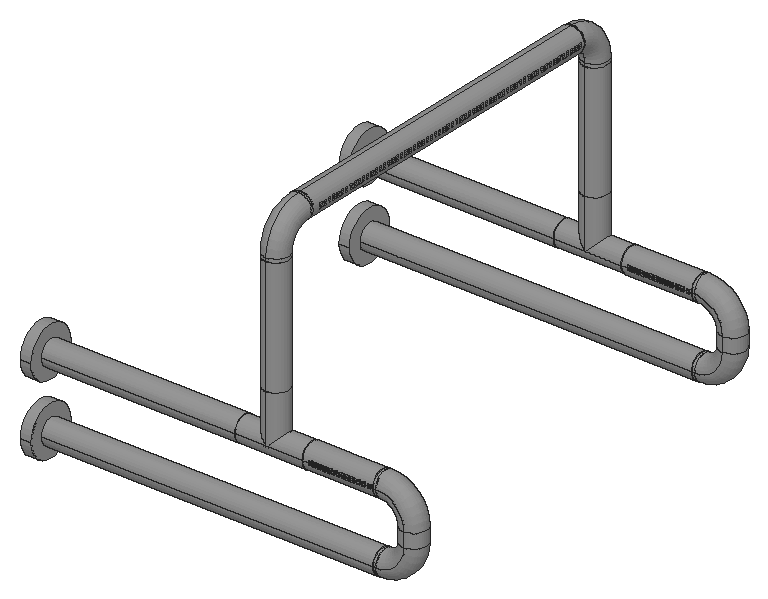
Revit family "Tube Coated Handicap Grab Bar White_IN", category Pipe Accessories, Revit 2017 (continued)
Forms (mm)
  Extrusion 423, solid, material "NYLONS"
    sketch origin (669.29, 361.085, 2.506) x (0, 1, 0) y (0, 0, -1)
      loop
        line (90.004, -415.815) -> (93.449, -415.815)
        spline (93.449, -415.815) -> (93.523, -415.677) -> (93.583, -415.541) -> (93.63, -415.407) -> (93.663, -415.274) -> (93.684, -415.144) -> (93.69, -415.016) -> (93.684, -414.89) -> (93.663, -414.766) -> (93.63, -414.644) -> (93.583, -414.523) -> (93.523, -414.405) -> (93.449, -414.289)
        line (93.449, -414.289) -> (90.004, -414.289)
        spline (90.004, -414.289) -> (89.912, -414.417) -> (89.837, -414.546) -> (89.779, -414.674) -> (89.737, -414.801) -> (89.712, -414.929) -> (89.703, -415.056) -> (89.712, -415.183) -> (89.737, -415.31) -> (89.779, -415.437) -> (89.837, -415.563) -> (89.912, -415.689) -> (90.004, -415.815)
    from 317.061 to 318.374
  Extrusion 424, solid, material "NYLONS"
    sketch origin (669.29, 361.085, -2.612) x (0, 1, 0) y (0, 0, -1)
      loop
        line (90.004, -415.815) -> (93.449, -415.815)
        spline (93.449, -415.815) -> (93.523, -415.677) -> (93.583, -415.541) -> (93.63, -415.407) -> (93.663, -415.274) -> (93.684, -415.144) -> (93.69, -415.016) -> (93.684, -414.89) -> (93.663, -414.766) -> (93.63, -414.644) -> (93.583, -414.523) -> (93.523, -414.405) -> (93.449, -414.289)
        line (93.449, -414.289) -> (90.004, -414.289)
        spline (90.004, -414.289) -> (89.912, -414.417) -> (89.837, -414.546) -> (89.779, -414.674) -> (89.737, -414.801) -> (89.712, -414.929) -> (89.703, -415.056) -> (89.712, -415.183) -> (89.737, -415.31) -> (89.779, -415.437) -> (89.837, -415.563) -> (89.912, -415.689) -> (90.004, -415.815)
    from 317.061 to 318.374
  Extrusion 425, solid, material "NYLONS"
    sketch origin (669.29, 368.338, 0) x (0, 1, 0) y (0, 0, -1)
      loop
        line (90.004, -415.815) -> (93.449, -415.815)
        spline (93.449, -415.815) -> (93.523, -415.677) -> (93.583, -415.541) -> (93.63, -415.407) -> (93.663, -415.274) -> (93.684, -415.144) -> (93.69, -415.016) -> (93.684, -414.89) -> (93.663, -414.766) -> (93.63, -414.644) -> (93.583, -414.523) -> (93.523, -414.405) -> (93.449, -414.289)
        line (93.449, -414.289) -> (90.004, -414.289)
        spline (90.004, -414.289) -> (89.912, -414.417) -> (89.837, -414.546) -> (89.779, -414.674) -> (89.737, -414.801) -> (89.712, -414.929) -> (89.703, -415.056) -> (89.712, -415.183) -> (89.737, -415.31) -> (89.779, -415.437) -> (89.837, -415.563) -> (89.912, -415.689) -> (90.004, -415.815)
    from 317.061 to 318.374
  Extrusion 426, solid, material "NYLONS"
    sketch origin (669.29, 368.338, 2.506) x (0, 1, 0) y (0, 0, -1)
      loop
        line (90.004, -415.815) -> (93.449, -415.815)
        spline (93.449, -415.815) -> (93.523, -415.677) -> (93.583, -415.541) -> (93.63, -415.407) -> (93.663, -415.274) -> (93.684, -415.144) -> (93.69, -415.016) -> (93.684, -414.89) -> (93.663, -414.766) -> (93.63, -414.644) -> (93.583, -414.523) -> (93.523, -414.405) -> (93.449, -414.289)
        line (93.449, -414.289) -> (90.004, -414.289)
        spline (90.004, -414.289) -> (89.912, -414.417) -> (89.837, -414.546) -> (89.779, -414.674) -> (89.737, -414.801) -> (89.712, -414.929) -> (89.703, -415.056) -> (89.712, -415.183) -> (89.737, -415.31) -> (89.779, -415.437) -> (89.837, -415.563) -> (89.912, -415.689) -> (90.004, -415.815)
    from 317.061 to 318.374
  Extrusion 427, solid, material "NYLONS"
    sketch origin (669.29, 368.338, -2.612) x (0, 1, 0) y (0, 0, -1)
      loop
        line (90.004, -415.815) -> (93.449, -415.815)
        spline (93.449, -415.815) -> (93.523, -415.677) -> (93.583, -415.541) -> (93.63, -415.407) -> (93.663, -415.274) -> (93.684, -415.144) -> (93.69, -415.016) -> (93.684, -414.89) -> (93.663, -414.766) -> (93.63, -414.644) -> (93.583, -414.523) -> (93.523, -414.405) -> (93.449, -414.289)
        line (93.449, -414.289) -> (90.004, -414.289)
        spline (90.004, -414.289) -> (89.912, -414.417) -> (89.837, -414.546) -> (89.779, -414.674) -> (89.737, -414.801) -> (89.712, -414.929) -> (89.703, -415.056) -> (89.712, -415.183) -> (89.737, -415.31) -> (89.779, -415.437) -> (89.837, -415.563) -> (89.912, -415.689) -> (90.004, -415.815)
    from 317.061 to 318.374
  Extrusion 428, solid, material "NYLONS"
    sketch origin (669.29, 375.844, 0) x (0, 1, 0) y (0, 0, -1)
      loop
        line (90.004, -415.815) -> (93.449, -415.815)
        spline (93.449, -415.815) -> (93.523, -415.677) -> (93.583, -415.541) -> (93.63, -415.407) -> (93.663, -415.274) -> (93.684, -415.144) -> (93.69, -415.016) -> (93.684, -414.89) -> (93.663, -414.766) -> (93.63, -414.644) -> (93.583, -414.523) -> (93.523, -414.405) -> (93.449, -414.289)
        line (93.449, -414.289) -> (90.004, -414.289)
        spline (90.004, -414.289) -> (89.912, -414.417) -> (89.837, -414.546) -> (89.779, -414.674) -> (89.737, -414.801) -> (89.712, -414.929) -> (89.703, -415.056) -> (89.712, -415.183) -> (89.737, -415.31) -> (89.779, -415.437) -> (89.837, -415.563) -> (89.912, -415.689) -> (90.004, -415.815)
    from 317.061 to 318.374
  Extrusion 429, solid, material "NYLONS"
    sketch origin (669.29, 375.844, 2.506) x (0, 1, 0) y (0, 0, -1)
      loop
        line (90.004, -415.815) -> (93.449, -415.815)
        spline (93.449, -415.815) -> (93.523, -415.677) -> (93.583, -415.541) -> (93.63, -415.407) -> (93.663, -415.274) -> (93.684, -415.144) -> (93.69, -415.016) -> (93.684, -414.89) -> (93.663, -414.766) -> (93.63, -414.644) -> (93.583, -414.523) -> (93.523, -414.405) -> (93.449, -414.289)
        line (93.449, -414.289) -> (90.004, -414.289)
        spline (90.004, -414.289) -> (89.912, -414.417) -> (89.837, -414.546) -> (89.779, -414.674) -> (89.737, -414.801) -> (89.712, -414.929) -> (89.703, -415.056) -> (89.712, -415.183) -> (89.737, -415.31) -> (89.779, -415.437) -> (89.837, -415.563) -> (89.912, -415.689) -> (90.004, -415.815)
    from 317.061 to 318.374
  Extrusion 430, solid, material "NYLONS"
    sketch origin (669.29, 375.844, -2.612) x (0, 1, 0) y (0, 0, -1)
      loop
        line (90.004, -415.815) -> (93.449, -415.815)
        spline (93.449, -415.815) -> (93.523, -415.677) -> (93.583, -415.541) -> (93.63, -415.407) -> (93.663, -415.274) -> (93.684, -415.144) -> (93.69, -415.016) -> (93.684, -414.89) -> (93.663, -414.766) -> (93.63, -414.644) -> (93.583, -414.523) -> (93.523, -414.405) -> (93.449, -414.289)
        line (93.449, -414.289) -> (90.004, -414.289)
        spline (90.004, -414.289) -> (89.912, -414.417) -> (89.837, -414.546) -> (89.779, -414.674) -> (89.737, -414.801) -> (89.712, -414.929) -> (89.703, -415.056) -> (89.712, -415.183) -> (89.737, -415.31) -> (89.779, -415.437) -> (89.837, -415.563) -> (89.912, -415.689) -> (90.004, -415.815)
    from 317.061 to 318.374
  Extrusion 431, solid, material "NYLONS"
    sketch origin (669.29, 383.351, 0) x (0, 1, 0) y (0, 0, -1)
      loop
        line (90.004, -415.815) -> (93.449, -415.815)
        spline (93.449, -415.815) -> (93.523, -415.677) -> (93.583, -415.541) -> (93.63, -415.407) -> (93.663, -415.274) -> (93.684, -415.144) -> (93.69, -415.016) -> (93.684, -414.89) -> (93.663, -414.766) -> (93.63, -414.644) -> (93.583, -414.523) -> (93.523, -414.405) -> (93.449, -414.289)
        line (93.449, -414.289) -> (90.004, -414.289)
        spline (90.004, -414.289) -> (89.912, -414.417) -> (89.837, -414.546) -> (89.779, -414.674) -> (89.737, -414.801) -> (89.712, -414.929) -> (89.703, -415.056) -> (89.712, -415.183) -> (89.737, -415.31) -> (89.779, -415.437) -> (89.837, -415.563) -> (89.912, -415.689) -> (90.004, -415.815)
    from 317.061 to 318.374
  Extrusion 432, solid, material "NYLONS"
    sketch origin (669.29, 383.351, 2.506) x (0, 1, 0) y (0, 0, -1)
      loop
        line (90.004, -415.815) -> (93.449, -415.815)
        spline (93.449, -415.815) -> (93.523, -415.677) -> (93.583, -415.541) -> (93.63, -415.407) -> (93.663, -415.274) -> (93.684, -415.144) -> (93.69, -415.016) -> (93.684, -414.89) -> (93.663, -414.766) -> (93.63, -414.644) -> (93.583, -414.523) -> (93.523, -414.405) -> (93.449, -414.289)
        line (93.449, -414.289) -> (90.004, -414.289)
        spline (90.004, -414.289) -> (89.912, -414.417) -> (89.837, -414.546) -> (89.779, -414.674) -> (89.737, -414.801) -> (89.712, -414.929) -> (89.703, -415.056) -> (89.712, -415.183) -> (89.737, -415.31) -> (89.779, -415.437) -> (89.837, -415.563) -> (89.912, -415.689) -> (90.004, -415.815)
    from 317.061 to 318.374
  Extrusion 433, solid, material "NYLONS"
    sketch origin (669.29, 383.351, -2.612) x (0, 1, 0) y (0, 0, -1)
      loop
        line (90.004, -415.815) -> (93.449, -415.815)
        spline (93.449, -415.815) -> (93.523, -415.677) -> (93.583, -415.541) -> (93.63, -415.407) -> (93.663, -415.274) -> (93.684, -415.144) -> (93.69, -415.016) -> (93.684, -414.89) -> (93.663, -414.766) -> (93.63, -414.644) -> (93.583, -414.523) -> (93.523, -414.405) -> (93.449, -414.289)
        line (93.449, -414.289) -> (90.004, -414.289)
        spline (90.004, -414.289) -> (89.912, -414.417) -> (89.837, -414.546) -> (89.779, -414.674) -> (89.737, -414.801) -> (89.712, -414.929) -> (89.703, -415.056) -> (89.712, -415.183) -> (89.737, -415.31) -> (89.779, -415.437) -> (89.837, -415.563) -> (89.912, -415.689) -> (90.004, -415.815)
    from 317.061 to 318.374
  Extrusion 434, solid, material "NYLONS"
    sketch origin (669.29, 391.29, 0) x (0, 1, 0) y (0, 0, -1)
      loop
        line (90.004, -415.815) -> (93.449, -415.815)
        spline (93.449, -415.815) -> (93.523, -415.677) -> (93.583, -415.541) -> (93.63, -415.407) -> (93.663, -415.274) -> (93.684, -415.144) -> (93.69, -415.016) -> (93.684, -414.89) -> (93.663, -414.766) -> (93.63, -414.644) -> (93.583, -414.523) -> (93.523, -414.405) -> (93.449, -414.289)
        line (93.449, -414.289) -> (90.004, -414.289)
        spline (90.004, -414.289) -> (89.912, -414.417) -> (89.837, -414.546) -> (89.779, -414.674) -> (89.737, -414.801) -> (89.712, -414.929) -> (89.703, -415.056) -> (89.712, -415.183) -> (89.737, -415.31) -> (89.779, -415.437) -> (89.837, -415.563) -> (89.912, -415.689) -> (90.004, -415.815)
    from 317.061 to 318.374
  Extrusion 435, solid, material "NYLONS"
    sketch origin (669.29, 391.29, 2.506) x (0, 1, 0) y (0, 0, -1)
      loop
        line (90.004, -415.815) -> (93.449, -415.815)
        spline (93.449, -415.815) -> (93.523, -415.677) -> (93.583, -415.541) -> (93.63, -415.407) -> (93.663, -415.274) -> (93.684, -415.144) -> (93.69, -415.016) -> (93.684, -414.89) -> (93.663, -414.766) -> (93.63, -414.644) -> (93.583, -414.523) -> (93.523, -414.405) -> (93.449, -414.289)
        line (93.449, -414.289) -> (90.004, -414.289)
        spline (90.004, -414.289) -> (89.912, -414.417) -> (89.837, -414.546) -> (89.779, -414.674) -> (89.737, -414.801) -> (89.712, -414.929) -> (89.703, -415.056) -> (89.712, -415.183) -> (89.737, -415.31) -> (89.779, -415.437) -> (89.837, -415.563) -> (89.912, -415.689) -> (90.004, -415.815)
    from 317.061 to 318.374
  Extrusion 436, solid, material "NYLONS"
    sketch origin (669.29, 391.29, -2.612) x (0, 1, 0) y (0, 0, -1)
      loop
        line (90.004, -415.815) -> (93.449, -415.815)
        spline (93.449, -415.815) -> (93.523, -415.677) -> (93.583, -415.541) -> (93.63, -415.407) -> (93.663, -415.274) -> (93.684, -415.144) -> (93.69, -415.016) -> (93.684, -414.89) -> (93.663, -414.766) -> (93.63, -414.644) -> (93.583, -414.523) -> (93.523, -414.405) -> (93.449, -414.289)
        line (93.449, -414.289) -> (90.004, -414.289)
        spline (90.004, -414.289) -> (89.912, -414.417) -> (89.837, -414.546) -> (89.779, -414.674) -> (89.737, -414.801) -> (89.712, -414.929) -> (89.703, -415.056) -> (89.712, -415.183) -> (89.737, -415.31) -> (89.779, -415.437) -> (89.837, -415.563) -> (89.912, -415.689) -> (90.004, -415.815)
    from 317.061 to 318.374
  Extrusion 437, solid, material "NYLONS"
    sketch origin (669.29, 398.941, 0) x (0, 1, 0) y (0, 0, -1)
      loop
        line (90.004, -415.815) -> (93.449, -415.815)
        spline (93.449, -415.815) -> (93.523, -415.677) -> (93.583, -415.541) -> (93.63, -415.407) -> (93.663, -415.274) -> (93.684, -415.144) -> (93.69, -415.016) -> (93.684, -414.89) -> (93.663, -414.766) -> (93.63, -414.644) -> (93.583, -414.523) -> (93.523, -414.405) -> (93.449, -414.289)
        line (93.449, -414.289) -> (90.004, -414.289)
        spline (90.004, -414.289) -> (89.912, -414.417) -> (89.837, -414.546) -> (89.779, -414.674) -> (89.737, -414.801) -> (89.712, -414.929) -> (89.703, -415.056) -> (89.712, -415.183) -> (89.737, -415.31) -> (89.779, -415.437) -> (89.837, -415.563) -> (89.912, -415.689) -> (90.004, -415.815)
    from 317.061 to 318.374
  Extrusion 438, solid, material "NYLONS"
    sketch origin (669.29, 398.941, 2.506) x (0, 1, 0) y (0, 0, -1)
      loop
        line (90.004, -415.815) -> (93.449, -415.815)
        spline (93.449, -415.815) -> (93.523, -415.677) -> (93.583, -415.541) -> (93.63, -415.407) -> (93.663, -415.274) -> (93.684, -415.144) -> (93.69, -415.016) -> (93.684, -414.89) -> (93.663, -414.766) -> (93.63, -414.644) -> (93.583, -414.523) -> (93.523, -414.405) -> (93.449, -414.289)
        line (93.449, -414.289) -> (90.004, -414.289)
        spline (90.004, -414.289) -> (89.912, -414.417) -> (89.837, -414.546) -> (89.779, -414.674) -> (89.737, -414.801) -> (89.712, -414.929) -> (89.703, -415.056) -> (89.712, -415.183) -> (89.737, -415.31) -> (89.779, -415.437) -> (89.837, -415.563) -> (89.912, -415.689) -> (90.004, -415.815)
    from 317.061 to 318.374
  Extrusion 439, solid, material "NYLONS"
    sketch origin (669.29, 398.941, -2.612) x (0, 1, 0) y (0, 0, -1)
      loop
        line (90.004, -415.815) -> (93.449, -415.815)
        spline (93.449, -415.815) -> (93.523, -415.677) -> (93.583, -415.541) -> (93.63, -415.407) -> (93.663, -415.274) -> (93.684, -415.144) -> (93.69, -415.016) -> (93.684, -414.89) -> (93.663, -414.766) -> (93.63, -414.644) -> (93.583, -414.523) -> (93.523, -414.405) -> (93.449, -414.289)
        line (93.449, -414.289) -> (90.004, -414.289)
        spline (90.004, -414.289) -> (89.912, -414.417) -> (89.837, -414.546) -> (89.779, -414.674) -> (89.737, -414.801) -> (89.712, -414.929) -> (89.703, -415.056) -> (89.712, -415.183) -> (89.737, -415.31) -> (89.779, -415.437) -> (89.837, -415.563) -> (89.912, -415.689) -> (90.004, -415.815)
    from 317.061 to 318.374
  Extrusion 440, solid, material "NYLONS"
    sketch origin (669.29, 406.736, 0) x (0, 1, 0) y (0, 0, -1)
      loop
        line (90.004, -415.815) -> (93.449, -415.815)
        spline (93.449, -415.815) -> (93.523, -415.677) -> (93.583, -415.541) -> (93.63, -415.407) -> (93.663, -415.274) -> (93.684, -415.144) -> (93.69, -415.016) -> (93.684, -414.89) -> (93.663, -414.766) -> (93.63, -414.644) -> (93.583, -414.523) -> (93.523, -414.405) -> (93.449, -414.289)
        line (93.449, -414.289) -> (90.004, -414.289)
        spline (90.004, -414.289) -> (89.912, -414.417) -> (89.837, -414.546) -> (89.779, -414.674) -> (89.737, -414.801) -> (89.712, -414.929) -> (89.703, -415.056) -> (89.712, -415.183) -> (89.737, -415.31) -> (89.779, -415.437) -> (89.837, -415.563) -> (89.912, -415.689) -> (90.004, -415.815)
    from 317.061 to 318.374
  Extrusion 441, solid, material "NYLONS"
    sketch origin (669.29, 406.736, 2.506) x (0, 1, 0) y (0, 0, -1)
      loop
        line (90.004, -415.815) -> (93.449, -415.815)
        spline (93.449, -415.815) -> (93.523, -415.677) -> (93.583, -415.541) -> (93.63, -415.407) -> (93.663, -415.274) -> (93.684, -415.144) -> (93.69, -415.016) -> (93.684, -414.89) -> (93.663, -414.766) -> (93.63, -414.644) -> (93.583, -414.523) -> (93.523, -414.405) -> (93.449, -414.289)
        line (93.449, -414.289) -> (90.004, -414.289)
        spline (90.004, -414.289) -> (89.912, -414.417) -> (89.837, -414.546) -> (89.779, -414.674) -> (89.737, -414.801) -> (89.712, -414.929) -> (89.703, -415.056) -> (89.712, -415.183) -> (89.737, -415.31) -> (89.779, -415.437) -> (89.837, -415.563) -> (89.912, -415.689) -> (90.004, -415.815)
    from 317.061 to 318.374
  Extrusion 442, solid, material "NYLONS"
    sketch origin (669.29, 406.736, -2.612) x (0, 1, 0) y (0, 0, -1)
      loop
        line (90.004, -415.815) -> (93.449, -415.815)
        spline (93.449, -415.815) -> (93.523, -415.677) -> (93.583, -415.541) -> (93.63, -415.407) -> (93.663, -415.274) -> (93.684, -415.144) -> (93.69, -415.016) -> (93.684, -414.89) -> (93.663, -414.766) -> (93.63, -414.644) -> (93.583, -414.523) -> (93.523, -414.405) -> (93.449, -414.289)
        line (93.449, -414.289) -> (90.004, -414.289)
        spline (90.004, -414.289) -> (89.912, -414.417) -> (89.837, -414.546) -> (89.779, -414.674) -> (89.737, -414.801) -> (89.712, -414.929) -> (89.703, -415.056) -> (89.712, -415.183) -> (89.737, -415.31) -> (89.779, -415.437) -> (89.837, -415.563) -> (89.912, -415.689) -> (90.004, -415.815)
    from 317.061 to 318.374
  Extrusion 443, solid, material "NYLONS"
    sketch origin (669.29, 414.676, 0) x (0, 1, 0) y (0, 0, -1)
      loop
        line (90.004, -415.815) -> (93.449, -415.815)
        spline (93.449, -415.815) -> (93.523, -415.677) -> (93.583, -415.541) -> (93.63, -415.407) -> (93.663, -415.274) -> (93.684, -415.144) -> (93.69, -415.016) -> (93.684, -414.89) -> (93.663, -414.766) -> (93.63, -414.644) -> (93.583, -414.523) -> (93.523, -414.405) -> (93.449, -414.289)
        line (93.449, -414.289) -> (90.004, -414.289)
        spline (90.004, -414.289) -> (89.912, -414.417) -> (89.837, -414.546) -> (89.779, -414.674) -> (89.737, -414.801) -> (89.712, -414.929) -> (89.703, -415.056) -> (89.712, -415.183) -> (89.737, -415.31) -> (89.779, -415.437) -> (89.837, -415.563) -> (89.912, -415.689) -> (90.004, -415.815)
    from 317.061 to 318.374
  Extrusion 444, solid, material "NYLONS"
    sketch origin (669.29, 414.676, 2.506) x (0, 1, 0) y (0, 0, -1)
      loop
        line (90.004, -415.815) -> (93.449, -415.815)
        spline (93.449, -415.815) -> (93.523, -415.677) -> (93.583, -415.541) -> (93.63, -415.407) -> (93.663, -415.274) -> (93.684, -415.144) -> (93.69, -415.016) -> (93.684, -414.89) -> (93.663, -414.766) -> (93.63, -414.644) -> (93.583, -414.523) -> (93.523, -414.405) -> (93.449, -414.289)
        line (93.449, -414.289) -> (90.004, -414.289)
        spline (90.004, -414.289) -> (89.912, -414.417) -> (89.837, -414.546) -> (89.779, -414.674) -> (89.737, -414.801) -> (89.712, -414.929) -> (89.703, -415.056) -> (89.712, -415.183) -> (89.737, -415.31) -> (89.779, -415.437) -> (89.837, -415.563) -> (89.912, -415.689) -> (90.004, -415.815)
    from 317.061 to 318.374
  Extrusion 445, solid, material "NYLONS"
    sketch origin (669.29, 414.676, -2.612) x (0, 1, 0) y (0, 0, -1)
      loop
        line (90.004, -415.815) -> (93.449, -415.815)
        spline (93.449, -415.815) -> (93.523, -415.677) -> (93.583, -415.541) -> (93.63, -415.407) -> (93.663, -415.274) -> (93.684, -415.144) -> (93.69, -415.016) -> (93.684, -414.89) -> (93.663, -414.766) -> (93.63, -414.644) -> (93.583, -414.523) -> (93.523, -414.405) -> (93.449, -414.289)
        line (93.449, -414.289) -> (90.004, -414.289)
        spline (90.004, -414.289) -> (89.912, -414.417) -> (89.837, -414.546) -> (89.779, -414.674) -> (89.737, -414.801) -> (89.712, -414.929) -> (89.703, -415.056) -> (89.712, -415.183) -> (89.737, -415.31) -> (89.779, -415.437) -> (89.837, -415.563) -> (89.912, -415.689) -> (90.004, -415.815)
    from 317.061 to 318.374
  Extrusion 446, solid, material "NYLONS"
    sketch origin (669.29, 422.182, 0) x (0, 1, 0) y (0, 0, -1)
      loop
        line (90.004, -415.815) -> (93.449, -415.815)
        spline (93.449, -415.815) -> (93.523, -415.677) -> (93.583, -415.541) -> (93.63, -415.407) -> (93.663, -415.274) -> (93.684, -415.144) -> (93.69, -415.016) -> (93.684, -414.89) -> (93.663, -414.766) -> (93.63, -414.644) -> (93.583, -414.523) -> (93.523, -414.405) -> (93.449, -414.289)
        line (93.449, -414.289) -> (90.004, -414.289)
        spline (90.004, -414.289) -> (89.912, -414.417) -> (89.837, -414.546) -> (89.779, -414.674) -> (89.737, -414.801) -> (89.712, -414.929) -> (89.703, -415.056) -> (89.712, -415.183) -> (89.737, -415.31) -> (89.779, -415.437) -> (89.837, -415.563) -> (89.912, -415.689) -> (90.004, -415.815)
    from 317.061 to 318.374
  Extrusion 447, solid, material "NYLONS"
    sketch origin (669.29, 422.182, 2.506) x (0, 1, 0) y (0, 0, -1)
      loop
        line (90.004, -415.815) -> (93.449, -415.815)
        spline (93.449, -415.815) -> (93.523, -415.677) -> (93.583, -415.541) -> (93.63, -415.407) -> (93.663, -415.274) -> (93.684, -415.144) -> (93.69, -415.016) -> (93.684, -414.89) -> (93.663, -414.766) -> (93.63, -414.644) -> (93.583, -414.523) -> (93.523, -414.405) -> (93.449, -414.289)
        line (93.449, -414.289) -> (90.004, -414.289)
        spline (90.004, -414.289) -> (89.912, -414.417) -> (89.837, -414.546) -> (89.779, -414.674) -> (89.737, -414.801) -> (89.712, -414.929) -> (89.703, -415.056) -> (89.712, -415.183) -> (89.737, -415.31) -> (89.779, -415.437) -> (89.837, -415.563) -> (89.912, -415.689) -> (90.004, -415.815)
    from 317.061 to 318.374
  Extrusion 448, solid, material "NYLONS"
    sketch origin (669.29, 422.182, -2.612) x (0, 1, 0) y (0, 0, -1)
      loop
        line (90.004, -415.815) -> (93.449, -415.815)
        spline (93.449, -415.815) -> (93.523, -415.677) -> (93.583, -415.541) -> (93.63, -415.407) -> (93.663, -415.274) -> (93.684, -415.144) -> (93.69, -415.016) -> (93.684, -414.89) -> (93.663, -414.766) -> (93.63, -414.644) -> (93.583, -414.523) -> (93.523, -414.405) -> (93.449, -414.289)
        line (93.449, -414.289) -> (90.004, -414.289)
        spline (90.004, -414.289) -> (89.912, -414.417) -> (89.837, -414.546) -> (89.779, -414.674) -> (89.737, -414.801) -> (89.712, -414.929) -> (89.703, -415.056) -> (89.712, -415.183) -> (89.737, -415.31) -> (89.779, -415.437) -> (89.837, -415.563) -> (89.912, -415.689) -> (90.004, -415.815)
    from 317.061 to 318.374
  Extrusion 449, solid, material "NYLONS"
    sketch origin (669.29, 429.578, 0) x (0, 1, 0) y (0, 0, -1)
      loop
        line (90.004, -415.815) -> (93.449, -415.815)
        spline (93.449, -415.815) -> (93.523, -415.677) -> (93.583, -415.541) -> (93.63, -415.407) -> (93.663, -415.274) -> (93.684, -415.144) -> (93.69, -415.016) -> (93.684, -414.89) -> (93.663, -414.766) -> (93.63, -414.644) -> (93.583, -414.523) -> (93.523, -414.405) -> (93.449, -414.289)
        line (93.449, -414.289) -> (90.004, -414.289)
        spline (90.004, -414.289) -> (89.912, -414.417) -> (89.837, -414.546) -> (89.779, -414.674) -> (89.737, -414.801) -> (89.712, -414.929) -> (89.703, -415.056) -> (89.712, -415.183) -> (89.737, -415.31) -> (89.779, -415.437) -> (89.837, -415.563) -> (89.912, -415.689) -> (90.004, -415.815)
    from 317.061 to 318.374
  Extrusion 450, solid, material "NYLONS"
    sketch origin (669.29, 429.578, 2.506) x (0, 1, 0) y (0, 0, -1)
      loop
        line (90.004, -415.815) -> (93.449, -415.815)
        spline (93.449, -415.815) -> (93.523, -415.677) -> (93.583, -415.541) -> (93.63, -415.407) -> (93.663, -415.274) -> (93.684, -415.144) -> (93.69, -415.016) -> (93.684, -414.89) -> (93.663, -414.766) -> (93.63, -414.644) -> (93.583, -414.523) -> (93.523, -414.405) -> (93.449, -414.289)
        line (93.449, -414.289) -> (90.004, -414.289)
        spline (90.004, -414.289) -> (89.912, -414.417) -> (89.837, -414.546) -> (89.779, -414.674) -> (89.737, -414.801) -> (89.712, -414.929) -> (89.703, -415.056) -> (89.712, -415.183) -> (89.737, -415.31) -> (89.779, -415.437) -> (89.837, -415.563) -> (89.912, -415.689) -> (90.004, -415.815)
    from 317.061 to 318.374
  Extrusion 451, solid, material "NYLONS"
    sketch origin (669.29, 429.578, -2.612) x (0, 1, 0) y (0, 0, -1)
      loop
        line (90.004, -415.815) -> (93.449, -415.815)
        spline (93.449, -415.815) -> (93.523, -415.677) -> (93.583, -415.541) -> (93.63, -415.407) -> (93.663, -415.274) -> (93.684, -415.144) -> (93.69, -415.016) -> (93.684, -414.89) -> (93.663, -414.766) -> (93.63, -414.644) -> (93.583, -414.523) -> (93.523, -414.405) -> (93.449, -414.289)
        line (93.449, -414.289) -> (90.004, -414.289)
        spline (90.004, -414.289) -> (89.912, -414.417) -> (89.837, -414.546) -> (89.779, -414.674) -> (89.737, -414.801) -> (89.712, -414.929) -> (89.703, -415.056) -> (89.712, -415.183) -> (89.737, -415.31) -> (89.779, -415.437) -> (89.837, -415.563) -> (89.912, -415.689) -> (90.004, -415.815)
    from 317.061 to 318.374
  Extrusion 452, solid, material "NYLONS"
    sketch origin (669.29, 437.076, 0) x (0, 1, 0) y (0, 0, -1)
      loop
        line (90.004, -415.815) -> (93.449, -415.815)
        spline (93.449, -415.815) -> (93.523, -415.677) -> (93.583, -415.541) -> (93.63, -415.407) -> (93.663, -415.274) -> (93.684, -415.144) -> (93.69, -415.016) -> (93.684, -414.89) -> (93.663, -414.766) -> (93.63, -414.644) -> (93.583, -414.523) -> (93.523, -414.405) -> (93.449, -414.289)
        line (93.449, -414.289) -> (90.004, -414.289)
        spline (90.004, -414.289) -> (89.912, -414.417) -> (89.837, -414.546) -> (89.779, -414.674) -> (89.737, -414.801) -> (89.712, -414.929) -> (89.703, -415.056) -> (89.712, -415.183) -> (89.737, -415.31) -> (89.779, -415.437) -> (89.837, -415.563) -> (89.912, -415.689) -> (90.004, -415.815)
    from 317.061 to 318.374
  Extrusion 453, solid, material "NYLONS"
    sketch origin (669.29, 437.076, 2.506) x (0, 1, 0) y (0, 0, -1)
      loop
        line (90.004, -415.815) -> (93.449, -415.815)
        spline (93.449, -415.815) -> (93.523, -415.677) -> (93.583, -415.541) -> (93.63, -415.407) -> (93.663, -415.274) -> (93.684, -415.144) -> (93.69, -415.016) -> (93.684, -414.89) -> (93.663, -414.766) -> (93.63, -414.644) -> (93.583, -414.523) -> (93.523, -414.405) -> (93.449, -414.289)
        line (93.449, -414.289) -> (90.004, -414.289)
        spline (90.004, -414.289) -> (89.912, -414.417) -> (89.837, -414.546) -> (89.779, -414.674) -> (89.737, -414.801) -> (89.712, -414.929) -> (89.703, -415.056) -> (89.712, -415.183) -> (89.737, -415.31) -> (89.779, -415.437) -> (89.837, -415.563) -> (89.912, -415.689) -> (90.004, -415.815)
    from 317.061 to 318.374
  Extrusion 454, solid, material "NYLONS"
    sketch origin (669.29, 437.076, -2.612) x (0, 1, 0) y (0, 0, -1)
      loop
        line (90.004, -415.815) -> (93.449, -415.815)
        spline (93.449, -415.815) -> (93.523, -415.677) -> (93.583, -415.541) -> (93.63, -415.407) -> (93.663, -415.274) -> (93.684, -415.144) -> (93.69, -415.016) -> (93.684, -414.89) -> (93.663, -414.766) -> (93.63, -414.644) -> (93.583, -414.523) -> (93.523, -414.405) -> (93.449, -414.289)
        line (93.449, -414.289) -> (90.004, -414.289)
        spline (90.004, -414.289) -> (89.912, -414.417) -> (89.837, -414.546) -> (89.779, -414.674) -> (89.737, -414.801) -> (89.712, -414.929) -> (89.703, -415.056) -> (89.712, -415.183) -> (89.737, -415.31) -> (89.779, -415.437) -> (89.837, -415.563) -> (89.912, -415.689) -> (90.004, -415.815)
    from 317.061 to 318.374
  Extrusion 455, solid, material "NYLONS"
    sketch origin (669.29, 444.669, 0) x (0, 1, 0) y (0, 0, -1)
      loop
        line (90.004, -415.815) -> (93.449, -415.815)
        spline (93.449, -415.815) -> (93.523, -415.677) -> (93.583, -415.541) -> (93.63, -415.407) -> (93.663, -415.274) -> (93.684, -415.144) -> (93.69, -415.016) -> (93.684, -414.89) -> (93.663, -414.766) -> (93.63, -414.644) -> (93.583, -414.523) -> (93.523, -414.405) -> (93.449, -414.289)
        line (93.449, -414.289) -> (90.004, -414.289)
        spline (90.004, -414.289) -> (89.912, -414.417) -> (89.837, -414.546) -> (89.779, -414.674) -> (89.737, -414.801) -> (89.712, -414.929) -> (89.703, -415.056) -> (89.712, -415.183) -> (89.737, -415.31) -> (89.779, -415.437) -> (89.837, -415.563) -> (89.912, -415.689) -> (90.004, -415.815)
    from 317.061 to 318.374
  Extrusion 456, solid, material "NYLONS"
    sketch origin (669.29, 444.669, 2.506) x (0, 1, 0) y (0, 0, -1)
      loop
        line (90.004, -415.815) -> (93.449, -415.815)
        spline (93.449, -415.815) -> (93.523, -415.677) -> (93.583, -415.541) -> (93.63, -415.407) -> (93.663, -415.274) -> (93.684, -415.144) -> (93.69, -415.016) -> (93.684, -414.89) -> (93.663, -414.766) -> (93.63, -414.644) -> (93.583, -414.523) -> (93.523, -414.405) -> (93.449, -414.289)
        line (93.449, -414.289) -> (90.004, -414.289)
        spline (90.004, -414.289) -> (89.912, -414.417) -> (89.837, -414.546) -> (89.779, -414.674) -> (89.737, -414.801) -> (89.712, -414.929) -> (89.703, -415.056) -> (89.712, -415.183) -> (89.737, -415.31) -> (89.779, -415.437) -> (89.837, -415.563) -> (89.912, -415.689) -> (90.004, -415.815)
    from 317.061 to 318.374
  Extrusion 457, solid, material "NYLONS"
    sketch origin (669.29, 444.669, -2.612) x (0, 1, 0) y (0, 0, -1)
      loop
        line (90.004, -415.815) -> (93.449, -415.815)
        spline (93.449, -415.815) -> (93.523, -415.677) -> (93.583, -415.541) -> (93.63, -415.407) -> (93.663, -415.274) -> (93.684, -415.144) -> (93.69, -415.016) -> (93.684, -414.89) -> (93.663, -414.766) -> (93.63, -414.644) -> (93.583, -414.523) -> (93.523, -414.405) -> (93.449, -414.289)
        line (93.449, -414.289) -> (90.004, -414.289)
        spline (90.004, -414.289) -> (89.912, -414.417) -> (89.837, -414.546) -> (89.779, -414.674) -> (89.737, -414.801) -> (89.712, -414.929) -> (89.703, -415.056) -> (89.712, -415.183) -> (89.737, -415.31) -> (89.779, -415.437) -> (89.837, -415.563) -> (89.912, -415.689) -> (90.004, -415.815)
    from 317.061 to 318.374
  Extrusion 458, solid, material "NYLONS"
    sketch origin (669.29, 452.262, 0) x (0, 1, 0) y (0, 0, -1)
      loop
        line (90.004, -415.815) -> (93.449, -415.815)
        spline (93.449, -415.815) -> (93.523, -415.677) -> (93.583, -415.541) -> (93.63, -415.407) -> (93.663, -415.274) -> (93.684, -415.144) -> (93.69, -415.016) -> (93.684, -414.89) -> (93.663, -414.766) -> (93.63, -414.644) -> (93.583, -414.523) -> (93.523, -414.405) -> (93.449, -414.289)
        line (93.449, -414.289) -> (90.004, -414.289)
        spline (90.004, -414.289) -> (89.912, -414.417) -> (89.837, -414.546) -> (89.779, -414.674) -> (89.737, -414.801) -> (89.712, -414.929) -> (89.703, -415.056) -> (89.712, -415.183) -> (89.737, -415.31) -> (89.779, -415.437) -> (89.837, -415.563) -> (89.912, -415.689) -> (90.004, -415.815)
    from 317.061 to 318.374
  Extrusion 459, solid, material "NYLONS"
    sketch origin (669.29, 452.262, 2.506) x (0, 1, 0) y (0, 0, -1)
      loop
        line (90.004, -415.815) -> (93.449, -415.815)
        spline (93.449, -415.815) -> (93.523, -415.677) -> (93.583, -415.541) -> (93.63, -415.407) -> (93.663, -415.274) -> (93.684, -415.144) -> (93.69, -415.016) -> (93.684, -414.89) -> (93.663, -414.766) -> (93.63, -414.644) -> (93.583, -414.523) -> (93.523, -414.405) -> (93.449, -414.289)
        line (93.449, -414.289) -> (90.004, -414.289)
        spline (90.004, -414.289) -> (89.912, -414.417) -> (89.837, -414.546) -> (89.779, -414.674) -> (89.737, -414.801) -> (89.712, -414.929) -> (89.703, -415.056) -> (89.712, -415.183) -> (89.737, -415.31) -> (89.779, -415.437) -> (89.837, -415.563) -> (89.912, -415.689) -> (90.004, -415.815)
    from 317.061 to 318.374
  Extrusion 460, solid, material "NYLONS"
    sketch origin (669.29, 452.262, -2.612) x (0, 1, 0) y (0, 0, -1)
      loop
        line (90.004, -415.815) -> (93.449, -415.815)
        spline (93.449, -415.815) -> (93.523, -415.677) -> (93.583, -415.541) -> (93.63, -415.407) -> (93.663, -415.274) -> (93.684, -415.144) -> (93.69, -415.016) -> (93.684, -414.89) -> (93.663, -414.766) -> (93.63, -414.644) -> (93.583, -414.523) -> (93.523, -414.405) -> (93.449, -414.289)
        line (93.449, -414.289) -> (90.004, -414.289)
        spline (90.004, -414.289) -> (89.912, -414.417) -> (89.837, -414.546) -> (89.779, -414.674) -> (89.737, -414.801) -> (89.712, -414.929) -> (89.703, -415.056) -> (89.712, -415.183) -> (89.737, -415.31) -> (89.779, -415.437) -> (89.837, -415.563) -> (89.912, -415.689) -> (90.004, -415.815)
    from 317.061 to 318.374
  Extrusion 461, solid, material "NYLONS"
    sketch origin (669.29, 459.761, 0) x (0, 1, 0) y (0, 0, -1)
      loop
        line (90.004, -415.815) -> (93.449, -415.815)
        spline (93.449, -415.815) -> (93.523, -415.677) -> (93.583, -415.541) -> (93.63, -415.407) -> (93.663, -415.274) -> (93.684, -415.144) -> (93.69, -415.016) -> (93.684, -414.89) -> (93.663, -414.766) -> (93.63, -414.644) -> (93.583, -414.523) -> (93.523, -414.405) -> (93.449, -414.289)
        line (93.449, -414.289) -> (90.004, -414.289)
        spline (90.004, -414.289) -> (89.912, -414.417) -> (89.837, -414.546) -> (89.779, -414.674) -> (89.737, -414.801) -> (89.712, -414.929) -> (89.703, -415.056) -> (89.712, -415.183) -> (89.737, -415.31) -> (89.779, -415.437) -> (89.837, -415.563) -> (89.912, -415.689) -> (90.004, -415.815)
    from 317.061 to 318.374
  Extrusion 462, solid, material "NYLONS"
    sketch origin (669.29, 459.761, 2.506) x (0, 1, 0) y (0, 0, -1)
      loop
        line (90.004, -415.815) -> (93.449, -415.815)
        spline (93.449, -415.815) -> (93.523, -415.677) -> (93.583, -415.541) -> (93.63, -415.407) -> (93.663, -415.274) -> (93.684, -415.144) -> (93.69, -415.016) -> (93.684, -414.89) -> (93.663, -414.766) -> (93.63, -414.644) -> (93.583, -414.523) -> (93.523, -414.405) -> (93.449, -414.289)
        line (93.449, -414.289) -> (90.004, -414.289)
        spline (90.004, -414.289) -> (89.912, -414.417) -> (89.837, -414.546) -> (89.779, -414.674) -> (89.737, -414.801) -> (89.712, -414.929) -> (89.703, -415.056) -> (89.712, -415.183) -> (89.737, -415.31) -> (89.779, -415.437) -> (89.837, -415.563) -> (89.912, -415.689) -> (90.004, -415.815)
    from 317.061 to 318.374
  Extrusion 463, solid, material "NYLONS"
    sketch origin (669.29, 459.761, -2.612) x (0, 1, 0) y (0, 0, -1)
      loop
        line (90.004, -415.815) -> (93.449, -415.815)
        spline (93.449, -415.815) -> (93.523, -415.677) -> (93.583, -415.541) -> (93.63, -415.407) -> (93.663, -415.274) -> (93.684, -415.144) -> (93.69, -415.016) -> (93.684, -414.89) -> (93.663, -414.766) -> (93.63, -414.644) -> (93.583, -414.523) -> (93.523, -414.405) -> (93.449, -414.289)
        line (93.449, -414.289) -> (90.004, -414.289)
        spline (90.004, -414.289) -> (89.912, -414.417) -> (89.837, -414.546) -> (89.779, -414.674) -> (89.737, -414.801) -> (89.712, -414.929) -> (89.703, -415.056) -> (89.712, -415.183) -> (89.737, -415.31) -> (89.779, -415.437) -> (89.837, -415.563) -> (89.912, -415.689) -> (90.004, -415.815)
    from 317.061 to 318.374
  Sweep 464, solid, material "NYLONS"
    path origin (1045, 317.5, -571.329) x (1, 0, 0) y (0, 0, 1)
      loop
        line (-1044.419, 706.329) -> (-555, 706.329)
        arc (-555, 706.329) -> (-526.716, 694.613) -> (-515, 666.329) r 40
        line (-515, 666.329) -> (-515, 646.329)
        arc (-515, 646.329) -> (-526.716, 618.044) -> (-555, 606.329) r 40
        line (-555, 606.329) -> (-1044.419, 606.329)
    profile origin (245.29, 317.5, 135) x (0, 0, 1) y (0, -1, 0)
      loop
        circle (0, -282.5) r 17.5
  Extrusion 465, solid, material "NYLONS"
    sketch origin (1045, 600, -571.329) x (0, -1, 0) y (0, 0, 1)
      loop
        circle (-0.2, 706.685) r 35
      loop
        circle (0, 606.329) r 35
    from 1030 to 1045
  Revolve 466, void
    sketch origin (-6.752, 600.002, -0.356) x (1, 0, 0) y (0, 0, -1)
      loop
        line (392.681, -157.144) -> (393.569, -157.144) -> (393.569, -151.753) -> (392.681, -151.753) -> (392.681, -157.144)
      axis (392.681, -135.356) -> (393.681, -135.356)
    angle from 0 to 360
  Revolve 467, void
    sketch origin (-102.681, 600.002, -0.356) x (1, 0, 0) y (0, 0, -1)
      loop
        line (392.681, -157.144) -> (393.569, -157.144) -> (393.569, -151.753) -> (392.681, -151.753) -> (392.681, -157.144)
      axis (392.681, -135.356) -> (393.681, -135.356)
    angle from 0 to 360
  Revolve 468, void
    sketch origin (93.248, 600.002, -0.356) x (1, 0, 0) y (0, 0, -1)
      loop
        line (392.681, -157.144) -> (393.569, -157.144) -> (393.569, -151.753) -> (392.681, -151.753) -> (392.681, -157.144)
      axis (392.681, -135.356) -> (393.681, -135.356)
    angle from 0 to 360
  Revolve 469, void
    sketch origin (93.248, 600.002, -100.356) x (1, 0, 0) y (0, 0, -1)
      loop
        line (392.681, -157.144) -> (393.569, -157.144) -> (393.569, -151.753) -> (392.681, -151.753) -> (392.681, -157.144)
      axis (392.681, -135.356) -> (393.681, -135.356)
    angle from 0 to 360
  Extrusion 470, solid, material "NYLONS"
    sketch origin (0, 635, -0.391) x (1, 0, 0) y (0, 0, -1)
      loop
        line (395.339, -136.409) -> (398.827, -136.409)
        spline (398.827, -136.409) -> (398.927, -136.283) -> (399.008, -136.16) -> (399.072, -136.038) -> (399.117, -135.917) -> (399.145, -135.797) -> (399.154, -135.679) -> (399.145, -135.562) -> (399.117, -135.447) -> (399.072, -135.333) -> (399.008, -135.221) -> (398.927, -135.11) -> (398.827, -135)
        line (398.827, -135) -> (395.339, -135)
        spline (395.339, -135) -> (395.242, -135.107) -> (395.162, -135.216) -> (395.1, -135.327) -> (395.056, -135.44) -> (395.029, -135.554) -> (395.021, -135.671) -> (395.029, -135.789) -> (395.056, -135.909) -> (395.1, -136.031) -> (395.162, -136.155) -> (395.242, -136.281) -> (395.339, -136.409)
    from -18.046 to -17.398
  Extrusion 471, solid, material "NYLONS"
    sketch origin (0, 635, -2.564) x (1, 0, 0) y (0, 0, -1)
      loop
        line (395.339, -136.409) -> (398.827, -136.409)
        spline (398.827, -136.409) -> (398.927, -136.283) -> (399.008, -136.16) -> (399.072, -136.038) -> (399.117, -135.917) -> (399.145, -135.797) -> (399.154, -135.679) -> (399.145, -135.562) -> (399.117, -135.447) -> (399.072, -135.333) -> (399.008, -135.221) -> (398.927, -135.11) -> (398.827, -135)
        line (398.827, -135) -> (395.339, -135)
        spline (395.339, -135) -> (395.242, -135.107) -> (395.162, -135.216) -> (395.1, -135.327) -> (395.056, -135.44) -> (395.029, -135.554) -> (395.021, -135.671) -> (395.029, -135.789) -> (395.056, -135.909) -> (395.1, -136.031) -> (395.162, -136.155) -> (395.242, -136.281) -> (395.339, -136.409)
    from -18.046 to -17.398
  Extrusion 472, solid, material "NYLONS"
    sketch origin (0, 635, 1.96) x (1, 0, 0) y (0, 0, -1)
      loop
        line (395.339, -136.409) -> (398.827, -136.409)
        spline (398.827, -136.409) -> (398.927, -136.283) -> (399.008, -136.16) -> (399.072, -136.038) -> (399.117, -135.917) -> (399.145, -135.797) -> (399.154, -135.679) -> (399.145, -135.562) -> (399.117, -135.447) -> (399.072, -135.333) -> (399.008, -135.221) -> (398.927, -135.11) -> (398.827, -135)
        line (398.827, -135) -> (395.339, -135)
        spline (395.339, -135) -> (395.242, -135.107) -> (395.162, -135.216) -> (395.1, -135.327) -> (395.056, -135.44) -> (395.029, -135.554) -> (395.021, -135.671) -> (395.029, -135.789) -> (395.056, -135.909) -> (395.1, -136.031) -> (395.162, -136.155) -> (395.242, -136.281) -> (395.339, -136.409)
    from -18.046 to -17.398
  Extrusion 473, solid, material "NYLONS"
    sketch origin (5.951, 635, -0.391) x (1, 0, 0) y (0, 0, -1)
      loop
        line (395.339, -136.409) -> (398.827, -136.409)
        spline (398.827, -136.409) -> (398.927, -136.283) -> (399.008, -136.16) -> (399.072, -136.038) -> (399.117, -135.917) -> (399.145, -135.797) -> (399.154, -135.679) -> (399.145, -135.562) -> (399.117, -135.447) -> (399.072, -135.333) -> (399.008, -135.221) -> (398.927, -135.11) -> (398.827, -135)
        line (398.827, -135) -> (395.339, -135)
        spline (395.339, -135) -> (395.242, -135.107) -> (395.162, -135.216) -> (395.1, -135.327) -> (395.056, -135.44) -> (395.029, -135.554) -> (395.021, -135.671) -> (395.029, -135.789) -> (395.056, -135.909) -> (395.1, -136.031) -> (395.162, -136.155) -> (395.242, -136.281) -> (395.339, -136.409)
    from -18.046 to -17.398
  Extrusion 474, solid, material "NYLONS"
    sketch origin (5.951, 635, -2.564) x (1, 0, 0) y (0, 0, -1)
      loop
        line (395.339, -136.409) -> (398.827, -136.409)
        spline (398.827, -136.409) -> (398.927, -136.283) -> (399.008, -136.16) -> (399.072, -136.038) -> (399.117, -135.917) -> (399.145, -135.797) -> (399.154, -135.679) -> (399.145, -135.562) -> (399.117, -135.447) -> (399.072, -135.333) -> (399.008, -135.221) -> (398.927, -135.11) -> (398.827, -135)
        line (398.827, -135) -> (395.339, -135)
        spline (395.339, -135) -> (395.242, -135.107) -> (395.162, -135.216) -> (395.1, -135.327) -> (395.056, -135.44) -> (395.029, -135.554) -> (395.021, -135.671) -> (395.029, -135.789) -> (395.056, -135.909) -> (395.1, -136.031) -> (395.162, -136.155) -> (395.242, -136.281) -> (395.339, -136.409)
    from -18.046 to -17.398
  Extrusion 475, solid, material "NYLONS"
    sketch origin (5.951, 635, 1.96) x (1, 0, 0) y (0, 0, -1)
      loop
        line (395.339, -136.409) -> (398.827, -136.409)
        spline (398.827, -136.409) -> (398.927, -136.283) -> (399.008, -136.16) -> (399.072, -136.038) -> (399.117, -135.917) -> (399.145, -135.797) -> (399.154, -135.679) -> (399.145, -135.562) -> (399.117, -135.447) -> (399.072, -135.333) -> (399.008, -135.221) -> (398.927, -135.11) -> (398.827, -135)
        line (398.827, -135) -> (395.339, -135)
        spline (395.339, -135) -> (395.242, -135.107) -> (395.162, -135.216) -> (395.1, -135.327) -> (395.056, -135.44) -> (395.029, -135.554) -> (395.021, -135.671) -> (395.029, -135.789) -> (395.056, -135.909) -> (395.1, -136.031) -> (395.162, -136.155) -> (395.242, -136.281) -> (395.339, -136.409)
    from -18.046 to -17.398
  Extrusion 476, solid, material "NYLONS"
    sketch origin (12.868, 635, -0.391) x (1, 0, 0) y (0, 0, -1)
      loop
        line (395.339, -136.409) -> (398.827, -136.409)
        spline (398.827, -136.409) -> (398.927, -136.283) -> (399.008, -136.16) -> (399.072, -136.038) -> (399.117, -135.917) -> (399.145, -135.797) -> (399.154, -135.679) -> (399.145, -135.562) -> (399.117, -135.447) -> (399.072, -135.333) -> (399.008, -135.221) -> (398.927, -135.11) -> (398.827, -135)
        line (398.827, -135) -> (395.339, -135)
        spline (395.339, -135) -> (395.242, -135.107) -> (395.162, -135.216) -> (395.1, -135.327) -> (395.056, -135.44) -> (395.029, -135.554) -> (395.021, -135.671) -> (395.029, -135.789) -> (395.056, -135.909) -> (395.1, -136.031) -> (395.162, -136.155) -> (395.242, -136.281) -> (395.339, -136.409)
    from -18.046 to -17.398
  Extrusion 477, solid, material "NYLONS"
    sketch origin (12.868, 635, -2.564) x (1, 0, 0) y (0, 0, -1)
      loop
        line (395.339, -136.409) -> (398.827, -136.409)
        spline (398.827, -136.409) -> (398.927, -136.283) -> (399.008, -136.16) -> (399.072, -136.038) -> (399.117, -135.917) -> (399.145, -135.797) -> (399.154, -135.679) -> (399.145, -135.562) -> (399.117, -135.447) -> (399.072, -135.333) -> (399.008, -135.221) -> (398.927, -135.11) -> (398.827, -135)
        line (398.827, -135) -> (395.339, -135)
        spline (395.339, -135) -> (395.242, -135.107) -> (395.162, -135.216) -> (395.1, -135.327) -> (395.056, -135.44) -> (395.029, -135.554) -> (395.021, -135.671) -> (395.029, -135.789) -> (395.056, -135.909) -> (395.1, -136.031) -> (395.162, -136.155) -> (395.242, -136.281) -> (395.339, -136.409)
    from -18.046 to -17.398
  Extrusion 478, solid, material "NYLONS"
    sketch origin (12.868, 635, 1.96) x (1, 0, 0) y (0, 0, -1)
      loop
        line (395.339, -136.409) -> (398.827, -136.409)
        spline (398.827, -136.409) -> (398.927, -136.283) -> (399.008, -136.16) -> (399.072, -136.038) -> (399.117, -135.917) -> (399.145, -135.797) -> (399.154, -135.679) -> (399.145, -135.562) -> (399.117, -135.447) -> (399.072, -135.333) -> (399.008, -135.221) -> (398.927, -135.11) -> (398.827, -135)
        line (398.827, -135) -> (395.339, -135)
        spline (395.339, -135) -> (395.242, -135.107) -> (395.162, -135.216) -> (395.1, -135.327) -> (395.056, -135.44) -> (395.029, -135.554) -> (395.021, -135.671) -> (395.029, -135.789) -> (395.056, -135.909) -> (395.1, -136.031) -> (395.162, -136.155) -> (395.242, -136.281) -> (395.339, -136.409)
    from -18.046 to -17.398
  Extrusion 479, solid, material "NYLONS"
    sketch origin (19.637, 635, -0.391) x (1, 0, 0) y (0, 0, -1)
      loop
        line (395.339, -136.409) -> (398.827, -136.409)
        spline (398.827, -136.409) -> (398.927, -136.283) -> (399.008, -136.16) -> (399.072, -136.038) -> (399.117, -135.917) -> (399.145, -135.797) -> (399.154, -135.679) -> (399.145, -135.562) -> (399.117, -135.447) -> (399.072, -135.333) -> (399.008, -135.221) -> (398.927, -135.11) -> (398.827, -135)
        line (398.827, -135) -> (395.339, -135)
        spline (395.339, -135) -> (395.242, -135.107) -> (395.162, -135.216) -> (395.1, -135.327) -> (395.056, -135.44) -> (395.029, -135.554) -> (395.021, -135.671) -> (395.029, -135.789) -> (395.056, -135.909) -> (395.1, -136.031) -> (395.162, -136.155) -> (395.242, -136.281) -> (395.339, -136.409)
    from -18.046 to -17.398
  Extrusion 480, solid, material "NYLONS"
    sketch origin (19.637, 635, -2.564) x (1, 0, 0) y (0, 0, -1)
      loop
        line (395.339, -136.409) -> (398.827, -136.409)
        spline (398.827, -136.409) -> (398.927, -136.283) -> (399.008, -136.16) -> (399.072, -136.038) -> (399.117, -135.917) -> (399.145, -135.797) -> (399.154, -135.679) -> (399.145, -135.562) -> (399.117, -135.447) -> (399.072, -135.333) -> (399.008, -135.221) -> (398.927, -135.11) -> (398.827, -135)
        line (398.827, -135) -> (395.339, -135)
        spline (395.339, -135) -> (395.242, -135.107) -> (395.162, -135.216) -> (395.1, -135.327) -> (395.056, -135.44) -> (395.029, -135.554) -> (395.021, -135.671) -> (395.029, -135.789) -> (395.056, -135.909) -> (395.1, -136.031) -> (395.162, -136.155) -> (395.242, -136.281) -> (395.339, -136.409)
    from -18.046 to -17.398
  Extrusion 481, solid, material "NYLONS"
    sketch origin (19.637, 635, 1.96) x (1, 0, 0) y (0, 0, -1)
      loop
        line (395.339, -136.409) -> (398.827, -136.409)
        spline (398.827, -136.409) -> (398.927, -136.283) -> (399.008, -136.16) -> (399.072, -136.038) -> (399.117, -135.917) -> (399.145, -135.797) -> (399.154, -135.679) -> (399.145, -135.562) -> (399.117, -135.447) -> (399.072, -135.333) -> (399.008, -135.221) -> (398.927, -135.11) -> (398.827, -135)
        line (398.827, -135) -> (395.339, -135)
        spline (395.339, -135) -> (395.242, -135.107) -> (395.162, -135.216) -> (395.1, -135.327) -> (395.056, -135.44) -> (395.029, -135.554) -> (395.021, -135.671) -> (395.029, -135.789) -> (395.056, -135.909) -> (395.1, -136.031) -> (395.162, -136.155) -> (395.242, -136.281) -> (395.339, -136.409)
    from -18.046 to -17.398
  Extrusion 482, solid, material "NYLONS"
    sketch origin (26.406, 635, -0.391) x (1, 0, 0) y (0, 0, -1)
      loop
        line (395.339, -136.409) -> (398.827, -136.409)
        spline (398.827, -136.409) -> (398.927, -136.283) -> (399.008, -136.16) -> (399.072, -136.038) -> (399.117, -135.917) -> (399.145, -135.797) -> (399.154, -135.679) -> (399.145, -135.562) -> (399.117, -135.447) -> (399.072, -135.333) -> (399.008, -135.221) -> (398.927, -135.11) -> (398.827, -135)
        line (398.827, -135) -> (395.339, -135)
        spline (395.339, -135) -> (395.242, -135.107) -> (395.162, -135.216) -> (395.1, -135.327) -> (395.056, -135.44) -> (395.029, -135.554) -> (395.021, -135.671) -> (395.029, -135.789) -> (395.056, -135.909) -> (395.1, -136.031) -> (395.162, -136.155) -> (395.242, -136.281) -> (395.339, -136.409)
    from -18.046 to -17.398
  Extrusion 483, solid, material "NYLONS"
    sketch origin (26.406, 635, -2.564) x (1, 0, 0) y (0, 0, -1)
      loop
        line (395.339, -136.409) -> (398.827, -136.409)
        spline (398.827, -136.409) -> (398.927, -136.283) -> (399.008, -136.16) -> (399.072, -136.038) -> (399.117, -135.917) -> (399.145, -135.797) -> (399.154, -135.679) -> (399.145, -135.562) -> (399.117, -135.447) -> (399.072, -135.333) -> (399.008, -135.221) -> (398.927, -135.11) -> (398.827, -135)
        line (398.827, -135) -> (395.339, -135)
        spline (395.339, -135) -> (395.242, -135.107) -> (395.162, -135.216) -> (395.1, -135.327) -> (395.056, -135.44) -> (395.029, -135.554) -> (395.021, -135.671) -> (395.029, -135.789) -> (395.056, -135.909) -> (395.1, -136.031) -> (395.162, -136.155) -> (395.242, -136.281) -> (395.339, -136.409)
    from -18.046 to -17.398
  Extrusion 484, solid, material "NYLONS"
    sketch origin (26.406, 635, 1.96) x (1, 0, 0) y (0, 0, -1)
      loop
        line (395.339, -136.409) -> (398.827, -136.409)
        spline (398.827, -136.409) -> (398.927, -136.283) -> (399.008, -136.16) -> (399.072, -136.038) -> (399.117, -135.917) -> (399.145, -135.797) -> (399.154, -135.679) -> (399.145, -135.562) -> (399.117, -135.447) -> (399.072, -135.333) -> (399.008, -135.221) -> (398.927, -135.11) -> (398.827, -135)
        line (398.827, -135) -> (395.339, -135)
        spline (395.339, -135) -> (395.242, -135.107) -> (395.162, -135.216) -> (395.1, -135.327) -> (395.056, -135.44) -> (395.029, -135.554) -> (395.021, -135.671) -> (395.029, -135.789) -> (395.056, -135.909) -> (395.1, -136.031) -> (395.162, -136.155) -> (395.242, -136.281) -> (395.339, -136.409)
    from -18.046 to -17.398
  Extrusion 485, solid, material "NYLONS"
    sketch origin (32.357, 635, -0.391) x (1, 0, 0) y (0, 0, -1)
      loop
        line (395.339, -136.409) -> (398.827, -136.409)
        spline (398.827, -136.409) -> (398.927, -136.283) -> (399.008, -136.16) -> (399.072, -136.038) -> (399.117, -135.917) -> (399.145, -135.797) -> (399.154, -135.679) -> (399.145, -135.562) -> (399.117, -135.447) -> (399.072, -135.333) -> (399.008, -135.221) -> (398.927, -135.11) -> (398.827, -135)
        line (398.827, -135) -> (395.339, -135)
        spline (395.339, -135) -> (395.242, -135.107) -> (395.162, -135.216) -> (395.1, -135.327) -> (395.056, -135.44) -> (395.029, -135.554) -> (395.021, -135.671) -> (395.029, -135.789) -> (395.056, -135.909) -> (395.1, -136.031) -> (395.162, -136.155) -> (395.242, -136.281) -> (395.339, -136.409)
    from -18.046 to -17.398
  Extrusion 486, solid, material "NYLONS"
    sketch origin (32.357, 635, -2.564) x (1, 0, 0) y (0, 0, -1)
      loop
        line (395.339, -136.409) -> (398.827, -136.409)
        spline (398.827, -136.409) -> (398.927, -136.283) -> (399.008, -136.16) -> (399.072, -136.038) -> (399.117, -135.917) -> (399.145, -135.797) -> (399.154, -135.679) -> (399.145, -135.562) -> (399.117, -135.447) -> (399.072, -135.333) -> (399.008, -135.221) -> (398.927, -135.11) -> (398.827, -135)
        line (398.827, -135) -> (395.339, -135)
        spline (395.339, -135) -> (395.242, -135.107) -> (395.162, -135.216) -> (395.1, -135.327) -> (395.056, -135.44) -> (395.029, -135.554) -> (395.021, -135.671) -> (395.029, -135.789) -> (395.056, -135.909) -> (395.1, -136.031) -> (395.162, -136.155) -> (395.242, -136.281) -> (395.339, -136.409)
    from -18.046 to -17.398
  Extrusion 487, solid, material "NYLONS"
    sketch origin (32.357, 635, 1.96) x (1, 0, 0) y (0, 0, -1)
      loop
        line (395.339, -136.409) -> (398.827, -136.409)
        spline (398.827, -136.409) -> (398.927, -136.283) -> (399.008, -136.16) -> (399.072, -136.038) -> (399.117, -135.917) -> (399.145, -135.797) -> (399.154, -135.679) -> (399.145, -135.562) -> (399.117, -135.447) -> (399.072, -135.333) -> (399.008, -135.221) -> (398.927, -135.11) -> (398.827, -135)
        line (398.827, -135) -> (395.339, -135)
        spline (395.339, -135) -> (395.242, -135.107) -> (395.162, -135.216) -> (395.1, -135.327) -> (395.056, -135.44) -> (395.029, -135.554) -> (395.021, -135.671) -> (395.029, -135.789) -> (395.056, -135.909) -> (395.1, -136.031) -> (395.162, -136.155) -> (395.242, -136.281) -> (395.339, -136.409)
    from -18.046 to -17.398
  Extrusion 488, solid, material "NYLONS"
    sketch origin (39.349, 635, -0.391) x (1, 0, 0) y (0, 0, -1)
      loop
        line (395.339, -136.409) -> (398.827, -136.409)
        spline (398.827, -136.409) -> (398.927, -136.283) -> (399.008, -136.16) -> (399.072, -136.038) -> (399.117, -135.917) -> (399.145, -135.797) -> (399.154, -135.679) -> (399.145, -135.562) -> (399.117, -135.447) -> (399.072, -135.333) -> (399.008, -135.221) -> (398.927, -135.11) -> (398.827, -135)
        line (398.827, -135) -> (395.339, -135)
        spline (395.339, -135) -> (395.242, -135.107) -> (395.162, -135.216) -> (395.1, -135.327) -> (395.056, -135.44) -> (395.029, -135.554) -> (395.021, -135.671) -> (395.029, -135.789) -> (395.056, -135.909) -> (395.1, -136.031) -> (395.162, -136.155) -> (395.242, -136.281) -> (395.339, -136.409)
    from -18.046 to -17.398
  Extrusion 489, solid, material "NYLONS"
    sketch origin (39.349, 635, -2.564) x (1, 0, 0) y (0, 0, -1)
      loop
        line (395.339, -136.409) -> (398.827, -136.409)
        spline (398.827, -136.409) -> (398.927, -136.283) -> (399.008, -136.16) -> (399.072, -136.038) -> (399.117, -135.917) -> (399.145, -135.797) -> (399.154, -135.679) -> (399.145, -135.562) -> (399.117, -135.447) -> (399.072, -135.333) -> (399.008, -135.221) -> (398.927, -135.11) -> (398.827, -135)
        line (398.827, -135) -> (395.339, -135)
        spline (395.339, -135) -> (395.242, -135.107) -> (395.162, -135.216) -> (395.1, -135.327) -> (395.056, -135.44) -> (395.029, -135.554) -> (395.021, -135.671) -> (395.029, -135.789) -> (395.056, -135.909) -> (395.1, -136.031) -> (395.162, -136.155) -> (395.242, -136.281) -> (395.339, -136.409)
    from -18.046 to -17.398
  Extrusion 490, solid, material "NYLONS"
    sketch origin (39.349, 635, 1.96) x (1, 0, 0) y (0, 0, -1)
      loop
        line (395.339, -136.409) -> (398.827, -136.409)
        spline (398.827, -136.409) -> (398.927, -136.283) -> (399.008, -136.16) -> (399.072, -136.038) -> (399.117, -135.917) -> (399.145, -135.797) -> (399.154, -135.679) -> (399.145, -135.562) -> (399.117, -135.447) -> (399.072, -135.333) -> (399.008, -135.221) -> (398.927, -135.11) -> (398.827, -135)
        line (398.827, -135) -> (395.339, -135)
        spline (395.339, -135) -> (395.242, -135.107) -> (395.162, -135.216) -> (395.1, -135.327) -> (395.056, -135.44) -> (395.029, -135.554) -> (395.021, -135.671) -> (395.029, -135.789) -> (395.056, -135.909) -> (395.1, -136.031) -> (395.162, -136.155) -> (395.242, -136.281) -> (395.339, -136.409)
    from -18.046 to -17.398
  Extrusion 491, solid, material "NYLONS"
    sketch origin (46.192, 635, -0.391) x (1, 0, 0) y (0, 0, -1)
      loop
        line (395.339, -136.409) -> (398.827, -136.409)
        spline (398.827, -136.409) -> (398.927, -136.283) -> (399.008, -136.16) -> (399.072, -136.038) -> (399.117, -135.917) -> (399.145, -135.797) -> (399.154, -135.679) -> (399.145, -135.562) -> (399.117, -135.447) -> (399.072, -135.333) -> (399.008, -135.221) -> (398.927, -135.11) -> (398.827, -135)
        line (398.827, -135) -> (395.339, -135)
        spline (395.339, -135) -> (395.242, -135.107) -> (395.162, -135.216) -> (395.1, -135.327) -> (395.056, -135.44) -> (395.029, -135.554) -> (395.021, -135.671) -> (395.029, -135.789) -> (395.056, -135.909) -> (395.1, -136.031) -> (395.162, -136.155) -> (395.242, -136.281) -> (395.339, -136.409)
    from -18.046 to -17.398
  Extrusion 492, solid, material "NYLONS"
    sketch origin (46.192, 635, -2.564) x (1, 0, 0) y (0, 0, -1)
      loop
        line (395.339, -136.409) -> (398.827, -136.409)
        spline (398.827, -136.409) -> (398.927, -136.283) -> (399.008, -136.16) -> (399.072, -136.038) -> (399.117, -135.917) -> (399.145, -135.797) -> (399.154, -135.679) -> (399.145, -135.562) -> (399.117, -135.447) -> (399.072, -135.333) -> (399.008, -135.221) -> (398.927, -135.11) -> (398.827, -135)
        line (398.827, -135) -> (395.339, -135)
        spline (395.339, -135) -> (395.242, -135.107) -> (395.162, -135.216) -> (395.1, -135.327) -> (395.056, -135.44) -> (395.029, -135.554) -> (395.021, -135.671) -> (395.029, -135.789) -> (395.056, -135.909) -> (395.1, -136.031) -> (395.162, -136.155) -> (395.242, -136.281) -> (395.339, -136.409)
    from -18.046 to -17.398
  Extrusion 493, solid, material "NYLONS"
    sketch origin (46.192, 635, 1.96) x (1, 0, 0) y (0, 0, -1)
      loop
        line (395.339, -136.409) -> (398.827, -136.409)
        spline (398.827, -136.409) -> (398.927, -136.283) -> (399.008, -136.16) -> (399.072, -136.038) -> (399.117, -135.917) -> (399.145, -135.797) -> (399.154, -135.679) -> (399.145, -135.562) -> (399.117, -135.447) -> (399.072, -135.333) -> (399.008, -135.221) -> (398.927, -135.11) -> (398.827, -135)
        line (398.827, -135) -> (395.339, -135)
        spline (395.339, -135) -> (395.242, -135.107) -> (395.162, -135.216) -> (395.1, -135.327) -> (395.056, -135.44) -> (395.029, -135.554) -> (395.021, -135.671) -> (395.029, -135.789) -> (395.056, -135.909) -> (395.1, -136.031) -> (395.162, -136.155) -> (395.242, -136.281) -> (395.339, -136.409)
    from -18.046 to -17.398
  Extrusion 494, solid, material "NYLONS"
    sketch origin (53.258, 635, -0.391) x (1, 0, 0) y (0, 0, -1)
      loop
        line (395.339, -136.409) -> (398.827, -136.409)
        spline (398.827, -136.409) -> (398.927, -136.283) -> (399.008, -136.16) -> (399.072, -136.038) -> (399.117, -135.917) -> (399.145, -135.797) -> (399.154, -135.679) -> (399.145, -135.562) -> (399.117, -135.447) -> (399.072, -135.333) -> (399.008, -135.221) -> (398.927, -135.11) -> (398.827, -135)
        line (398.827, -135) -> (395.339, -135)
        spline (395.339, -135) -> (395.242, -135.107) -> (395.162, -135.216) -> (395.1, -135.327) -> (395.056, -135.44) -> (395.029, -135.554) -> (395.021, -135.671) -> (395.029, -135.789) -> (395.056, -135.909) -> (395.1, -136.031) -> (395.162, -136.155) -> (395.242, -136.281) -> (395.339, -136.409)
    from -18.046 to -17.398
  Extrusion 495, solid, material "NYLONS"
    sketch origin (53.258, 635, -2.564) x (1, 0, 0) y (0, 0, -1)
      loop
        line (395.339, -136.409) -> (398.827, -136.409)
        spline (398.827, -136.409) -> (398.927, -136.283) -> (399.008, -136.16) -> (399.072, -136.038) -> (399.117, -135.917) -> (399.145, -135.797) -> (399.154, -135.679) -> (399.145, -135.562) -> (399.117, -135.447) -> (399.072, -135.333) -> (399.008, -135.221) -> (398.927, -135.11) -> (398.827, -135)
        line (398.827, -135) -> (395.339, -135)
        spline (395.339, -135) -> (395.242, -135.107) -> (395.162, -135.216) -> (395.1, -135.327) -> (395.056, -135.44) -> (395.029, -135.554) -> (395.021, -135.671) -> (395.029, -135.789) -> (395.056, -135.909) -> (395.1, -136.031) -> (395.162, -136.155) -> (395.242, -136.281) -> (395.339, -136.409)
    from -18.046 to -17.398
  Extrusion 496, solid, material "NYLONS"
    sketch origin (53.258, 635, 1.96) x (1, 0, 0) y (0, 0, -1)
      loop
        line (395.339, -136.409) -> (398.827, -136.409)
